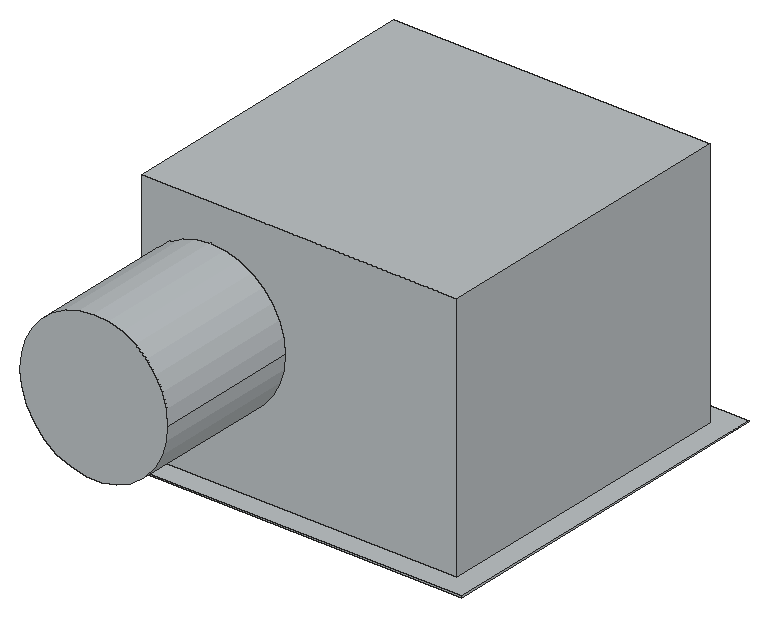
Revit family "vd-15_20zlx(p)14-in_60Hz", category 機械設備, Revit 2019
Family settings
  丸型コネクタ寸法 = 直径を使用
  パーツ タイプ = 標準
  OmniClass 番号 = 23.75.35.17.27
  OmniClass タイトル = Centrifugal Fans
  作業面ベース = いいえ
  常に垂直 = はい
  ロード時にボイドで切り取り = いいえ
  共有 = いいえ
  部屋計算ポイント = はい
Parameters (values of type "VD-20ZLXP14-IN")
  騒音レベル(dB(A)) [instance] = 41.5
  風量 [instance] = 500.0 m³/h
  電源種別 [instance] = ""
  電圧 = 100 V
  電動機出力 = 0 W
  電動機_種別 [instance] = ""
  運転質量 = 0.00 kg
  連動 [instance] = ""
  質量 = if(製品質量 > 運転質量, 製品質量, 運転質量) * 1.2  # 6.12 kg
  負荷分類 = 3_ファン類
  説明 = "ダクト用換気扇 低騒音形 24時間換気機能付 グリル別売タイプ"
  設計風量 [instance] = 0.0 m³/h
  設置方法 = "天埋"
  記号 [instance] = ""
  製造元 = "三菱電機株式会社"
  製品質量 = 5.10 kg
  製品出荷対象 = "国内"
  製品リリース年月 = "2024年6月3日"
  製品グループ = ""
  系統 [instance] = ""
  符号 [instance] = if(☑給気／□排気, "FS", "FE")  # "FE"
  積算_科目 = "2 換気設備"
  積算_拾い区分 [instance] = ""
  相 = 1
  盤記号 [instance] = ""
  発停方法 [instance] = ""
  特殊仕様 [instance] = ""
  火災停止 [instance] = ""
  消費電力 = 64.5 W
  法定耐用年数 = "15"
  機外静圧 [instance] = 0.0 Pa
  極数 = 2
  材質 [instance] = ""
  操作・制御方式 = ""
  操作・制御スイッチ = ""
  排気量 [instance] = if(☑給気／□排気, 0.0 m³/h, 設計風量)  # 0.0 m³/h
  形式 = "天井埋込ダクト形"
  幹線記号 [instance] = ""
  対象室 [instance] = ""
  実風量 [instance] = 0.0 m³/h
  始動方式 [instance] = "直入"
  外気量 [instance] = if(☑給気／□排気, 設計風量, 0.0 m³/h)  # 0.0 m³/h
  呼称 = "天井扇"
  周波数 = 60 Hz
  参照している仕様書等のバージョン = ""
  分類コード = "50052503100030"
  分類グループ = ""
  価格 = 55400
  企業コード = "108420"
  付属品_防振装置 = ""
  付属品 [instance] = ""
  仕様書バージョン = "Version1.0"
  モデル = "VD-20ZLXP14-IN"
  マテリアル = 鋼板
  ファンの種類 = ""
  ダクト径 = 150 mm
  コメント [instance] = ""
  Keynote = ""
  ☑給気／□排気 [instance] = no
  Width = 307 mm
  W1 = 349 mm
  Version = ""
  Uniclass2015Version = "Systems v1.9"
  Uniclass2015Title = "Centrifugal fans"
  Uniclass2015Code = "Pr_65_67_29_12"
  URL = "https://www.mitsubishielectric.co.jp/ldg/wink/qr/002/333525/"
  SpecificationReference = ""
  SpecificationDescription = ""
  Revision = ""
  ProductInformation = ""
  OmniClassCode = "23-33 31 19 11 15"
  OAサイズ_D = 0 mm
  MIN風量 = 270.0 m³/h
  MIN静圧 = 0.0 Pa
  MID風量 = 0.0 m³/h
  MID静圧 = 0.0 Pa
  MAX風量 = 500.0 m³/h
  MAX静圧 = 0.0 Pa
  IfcTypeProduct = ""
  IfcProduct = ""
  IfcExportType = "PROPELLORAXIAL"
  IfcExportAs = "IfcFanType"
  Height = 243 mm
  H1 = 1 mm
  EAサイズ_D = 144 mm
  Duct_Height = 135 mm
  Duct_Depth = 142 mm
  Duct_Center = 86 mm
  Depth = 307 mm
  D1 = 349 mm
  Author = "三菱電機株式会社"
Types (6, lengths in mm): name | 騒音レベル(dB(A)) | 風量 | 質量 | 製品質量 | 消費電力 | 価格 | モデル | ダクト径 | Width | W1 | URL | MIN風量 | MAX風量 | Height | EAサイズ_D | Duct_Height | Duct_Depth | Duct_Center | Depth | D1
  VD-15ZLX14-IN | 27.5 | 155.0 m³/h | 3.96 kg | 3.30 kg | 14 W | 29800 | "VD-15ZLX14-IN" | 100 | 251 | 303 | "https://www.mitsubishielectric.co.jp/ldg/wink/qr/002/333622/" | 95.0 m³/h | 155.0 m³/h | 204 | 98 | 111 | 114 | 0 | 251 | 303
  VD-15ZLXP14-IN | 34.5 | 210.0 m³/h | 3.96 kg | 3.30 kg | 22.5 W | 35600 | "VD-15ZLXP14-IN" | 100 | 251 | 303 | "https://www.mitsubishielectric.co.jp/ldg/wink/qr/002/333624/" | 110.0 m³/h | 210.0 m³/h | 204 | 98 | 111 | 114 | 0 | 251 | 303
  VD-18ZLX14-IN | 29.5 | 300.0 m³/h | 5.16 kg | 4.30 kg | 28.5 W | 43900 | "VD-18ZLX14-IN" | 150 | 270 | 312 | "https://www.mitsubishielectric.co.jp/ldg/wink/qr/002/333657/" | 170.0 m³/h | 300.0 m³/h | 243 | 144 | 135 | 142 | 67 | 270 | 312
  VD-18ZLXP14-IN | 33 | 350.0 m³/h | 5.76 kg | 4.80 kg | 40 W | 45400 | "VD-18ZLXP14-IN" | 150 | 307 | 349 | "https://www.mitsubishielectric.co.jp/ldg/wink/qr/002/333659/" | 180.0 m³/h | 350.0 m³/h | 243 | 144 | 135 | 142 | 86 | 307 | 349
  VD-20ZLX14-IN | 35.5 | 400.0 m³/h | 5.76 kg | 4.80 kg | 48 W | 50100 | "VD-20ZLX14-IN" | 150 | 307 | 349 | "https://www.mitsubishielectric.co.jp/ldg/wink/qr/002/333523/" | 210.0 m³/h | 400.0 m³/h | 243 | 144 | 135 | 142 | 86 | 307 | 349
  VD-20ZLXP14-IN | 41.5 | 500.0 m³/h | 6.12 kg | 5.10 kg | 64.5 W | 55400 | "VD-20ZLXP14-IN" | 150 | 307 | 349 | "https://www.mitsubishielectric.co.jp/ldg/wink/qr/002/333525/" | 270.0 m³/h | 500.0 m³/h | 243 | 144 | 135 | 142 | 86 | 307 | 349
Reference planes
  plane 1 "中心(正面/背面)": y = 0
  plane 2: z = 0
  plane 3 "中心(左/右)": x = 0
  plane 4: x = -174.5
  plane 5: x = 174.5
  plane 6: y = 174.5
  plane 7: y = -174.5
  plane 8: x = -153.5
  plane 9: x = 153.5
  plane 10: y = 153.5
  plane 11: y = -153.5
  plane 12: y = -295.5
  plane 13: z = 243
  plane 14: z = -1
  plane 15: z = 135
  plane 16: x = -86
Forms (mm)
  Extrusion 1, solid, material "鋼板" <- "マテリアル", detail levels fine
    sketch origin (0, 0, 0) x (1, 0, 0) y (0, 1, 0)
      loop
        line (-153.5, 153.5) -> (-153.5, -153.5) -> (153.5, -153.5) -> (153.5, 153.5) -> (-153.5, 153.5)
    from 0 to 243
  Extrusion 2, solid, material "鋼板" <- "マテリアル", detail levels fine
    sketch origin (0, 0, 0) x (1, 0, 0) y (0, 1, 0)
      loop
        line (-174.5, 174.5) -> (-174.5, -174.5) -> (174.5, -174.5) -> (174.5, 174.5) -> (-174.5, 174.5)
    from 0 to -1
  Extrusion 3, solid, material "鋼板" <- "マテリアル", detail levels fine
    sketch origin (0, 0, 0) x (1, 0, 0) y (0, 0, 1)
      loop
        circle (-86, 135) r 72
    from 153.5 to 295.5
Dimensions and locks
  equal spacing: plane 4, plane 3 "中心(左/右)", plane 5
  "W1": plane 4 to plane 5
  equal spacing: plane 6, plane 1 "中心(正面/背面)", plane 7
  "D1": plane 6 to plane 7
  equal spacing: plane 8, plane 3 "中心(左/右)", plane 9
  "Width": plane 8 to plane 9
  equal spacing: plane 10, plane 1 "中心(正面/背面)", plane 11
  "Depth": plane 10 to plane 11
  "Duct_Depth": plane 11 to plane 12
  "Height": plane 13 to plane 2
  "Duct_Height": plane 15 to plane 2
  "H1": plane 2 to plane 14
  "Duct_Center": plane 3 "中心(左/右)" to plane 16
  "EAサイズ_D": diameter of Extrusion 3 sketch curve
  aligned and locked: level to plane 2
  aligned and locked: plane 5 to Extrusion 2
  aligned and locked: plane 6 to Extrusion 2
  aligned and locked: Extrusion 2 to plane 4
  aligned and locked: Extrusion 2 to plane 7
  aligned and locked: plane 9 to Extrusion 1
  aligned and locked: Extrusion 1 to plane 11
  aligned and locked: Extrusion 1 to plane 8
  aligned and locked: plane 10 to Extrusion 1
  aligned and locked: plane 13 to Extrusion 1
  aligned and locked: Extrusion 2 to plane 14
  aligned and locked: level to Extrusion 2
  aligned and locked: Extrusion 1 to level
  aligned and locked: Extrusion 3 to plane 12
  aligned and locked: plane 11 to Extrusion 3
Automatic sketch dimensions
  Extrusion 1 sketch curve to plane 3 "中心(左/右)" = 153.5 mm
  plane 3 "中心(左/右)" to Extrusion 1 sketch curve = 153.5 mm
  Extrusion 2 sketch curve to plane 3 "中心(左/右)" = 174.5 mm
  plane 3 "中心(左/右)" to Extrusion 2 sketch curve = 174.5 mm
  plane 1 "中心(正面/背面)" to Extrusion 1 sketch curve = 153.5 mm
  Extrusion 1 sketch curve to plane 1 "中心(正面/背面)" = 153.5 mm
  plane 1 "中心(正面/背面)" to Extrusion 2 sketch curve = 174.5 mm
  Extrusion 2 sketch curve to plane 1 "中心(正面/背面)" = 174.5 mm
  Extrusion 3 sketch curve to plane 15 = 0 mm
  Extrusion 3 sketch curve to plane 16 = 0 mm
Nested families
  nested 1: "記号_天井換気扇_平面" at (0, 0, 0), type "記号_天井換気扇_平面", detail levels coarse+medium
Connectors
  hvac at (-86, -295.5, 135), driven by "ダクト径", driven by "風量", driven by "機外静圧"
    settings: on Extrusion 3, index 1, duct flow 500.0 m³/h, flow factor 0, pres drop 0.0 Pa, loss coef 0, conn angle 0.00°, conn width 304.8 mm, conn height 304.8 mm, conn diameter 150 mm, duct sys type 3, conn prof type 0, flow config 0, flow direction 2, loss method 4, conn ref index -1, conn util no, is conn primary yes, conn desc ""
  electrical at (0, 0, 243), driven by "極数", driven by "負荷分類", driven by "電圧", driven by "消費電力"
    settings: on Extrusion 1, index 2, voltage 100 V, apparent load 64.5 VA, apparent load phase1 0 VA, apparent load phase2 0 VA, apparent load phase3 0 VA, power factor 1, load classification "3_ファン類", number of poles 2, system type 30, power factor state 1, is connector primary yes, connector utility no, sub classification motor no, connector description ""
Definition of nested family "記号_天井換気扇_平面"
  Reference planes
    plane 1: y = 0
    plane 2: x = 0
  Lines and regions (mm)
    detail lines
      curve 1: line (-2.5, 2.5, 0) -> (2.5, 2.5, 0)
      curve 2: line (-2.5, -2.5, 0) -> (-2.5, 2.5, 0)
      curve 3: line (2.5, -2.5, 0) -> (-2.5, -2.5, 0)
      curve 4: line (2.5, 2.5, 0) -> (2.5, -2.5, 0)
      curve 5: circle (-1.04, -1.04, 0) r 1.46 normal (0, 0, 1)
      curve 6: circle (1.04, 1.04, 0) r 1.46 normal (0, 0, 1)
      curve 7: line (-3.125, 3.125, 0) -> (3.125, 3.125, 0)
      curve 8: line (-3.125, -3.125, 0) -> (-3.125, 3.125, 0)
      curve 9: line (3.125, -3.125, 0) -> (-3.125, -3.125, 0)
      curve 10: line (3.125, 3.125, 0) -> (3.125, -3.125, 0)
      curve 11: circle (1.295, 1.295, 0) r 1.83 normal (0, 0, 1)
      curve 12: circle (-1.295, -1.295, 0) r 1.83 normal (0, 0, 1)
      curve 13: line (-2, 2, 0) -> (2, 2, 0)
      curve 14: line (-2, -2, 0) -> (-2, 2, 0)
      curve 15: line (2, -2, 0) -> (-2, -2, 0)
      curve 16: line (2, 2, 0) -> (2, -2, 0)
      curve 17: circle (0.84, 0.84, 0) r 1.16 normal (0, 0, 1)
      curve 18: circle (-0.84, -0.84, 0) r 1.2 normal (0, 0, 1)
